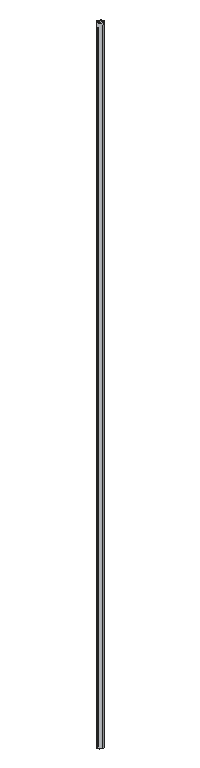
Revit family "墙体测斜", category 常规模型, Revit 2016
Family settings
  零件类型 = 标准
  可将钢筋附着到主体 = 否
  圆形连接件大小 = 使用直径
  基于工作平面 = 否
  总是垂直 = 是
  加载时剪切的空心 = 否
  共享 = 否
  房间计算点 = 否
Parameters
  直径 = 100 mm
  监测数据 [instance] = ""
  深度 = 12000 mm
  壁厚 = 20 mm
  内径 = 直径 - 2 * 壁厚  # 60 mm
Reference planes
  plane 1 "中心(前/后)": y = 0
  plane 2: z = 0
  plane 3 "中心(左/右)": x = 0
Forms (mm)
  Extrusion 1, solid
    sketch origin (3021.728, -229.593, 0) x (1, 0, 0) y (0, 1, 0)
      loop
        circle (-3021.728, 229.593) r 50
    from -12000 to 0
  Extrusion 2, void
    sketch origin (0, 0, 0) x (1, 0, 0) y (0, 1, 0)
      loop
        circle (0, 0) r 30
    from -12000 to 0
Cuts and joins
  Extrusion 2 cuts Extrusion 1
Dimensions and locks
  "深度": Extrusion 1 to Extrusion 1
  "直径": diameter of Extrusion 1 sketch curve
  "内径": diameter of Extrusion 2 sketch curve
  aligned and locked: level to plane 2
  aligned and locked: level to Extrusion 1
  aligned and locked: level to Extrusion 2
  aligned and locked: Extrusion 1 to Extrusion 2
Automatic sketch dimensions
  plane 1 "中心(前/后)" to Extrusion 1 sketch curve = 0 mm
  Extrusion 1 sketch curve to plane 3 "中心(左/右)" = 0 mm
  plane 1 "中心(前/后)" to Extrusion 2 sketch curve = 0 mm
  Extrusion 2 sketch curve to plane 3 "中心(左/右)" = 0 mm
